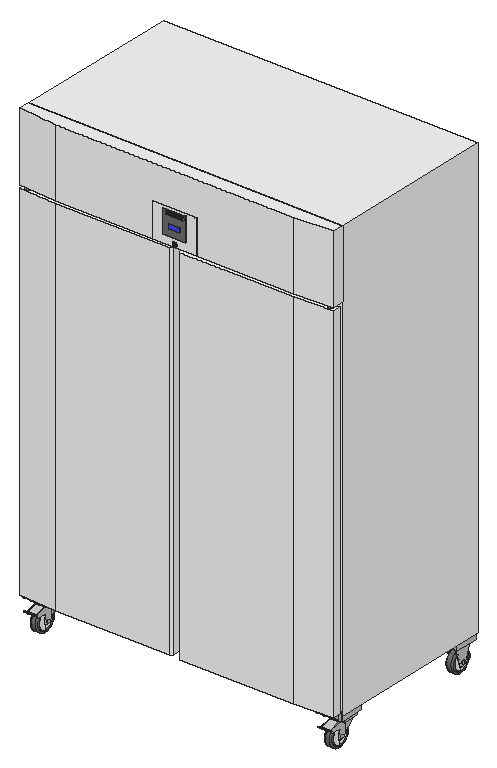
Revit family "QF_LIEBHERR_LKPv 1420.220712092349", category Specialty Equipment, Revit 2016
Family settings
  Part Type = Normal
  Round Connector Dimension = Use Diameter
  OmniClass Number = 23.40.40.14
  OmniClass Title = Food Service Equipment
  Work Plane-Based = No
  Always vertical = Yes
  Cut with Voids When Loaded = No
  Shared = No
  Room Calculation Point = No
Parameters (values of type "LKPv 1420_230V/1Ph/50Hz")
  URL catalogue = ""
  URL = "home.liebherr.com"
  Type de Raccord Electrique [instance] = ""
  Type article [instance] = ""
  Tension = 230 V
  Status [instance] = ""
  Spécification technique = ""
  Spécification du Fabricant [instance] = ""
  Spécification de l'Utilisateur [instance] = ""
  SMACNA No spécifique pour les matériaux  Etats Unis = ""
  Quantité par lot [instance] = no
  Puissance électrique  = 350 W
  Puissance en CV = ""
  Puissance Apparente = 350 VA
  Protection de l'Appareil = 0 A
  Profondeur hors tout = 830 mm
  Poids net à vide = 199.00 kg
  Phase = 1
  Numéro de Série = ""
  Nombres de Pôles = 2
  Nombre d'identification NAFEM = ""
  Model = "LKPv 1420"
  Manufacturer = "LIEBHERR"
  Longueur hors tout = 1430 mm
  Intensité nominale courant electrique = 2.5 A
  Installé Par [instance] = ""
  Identifiant Equipement [instance] = no
  Hauteur hors tout = 2160 mm
  Hauteur de Raccordement du Sol Finis [instance] = 1700 mm
  Hauteur de Raccordement du Sol Brut [instance] = 0 mm
  Fréquence = 50 Hz
  Fournis Par [instance] = ""
  Description = "REFRIGERATEUR LABO LKPV 1420, -2/+16°C, CARROSSERIE BLANC CUVE INOX, 1361 L"
  Câble de connexion à l'appareil inclus = no
  Cost = 0
  Consommation d'énergie minimale = 0 A
  Connexion prise électrique  = ""
  Code de Révision [instance] = ""
  Classification dans le projet = ""
  Classement sismique = ""
  Accessoires = no
Reference planes
  plane 1 "Centre (avant/arrière)": y = 0
  plane 2: z = 0
  plane 3 "Centre (gauche/droite)": x = 0
Forms (mm)
  Extrusion 1, solid, not visible
    sketch origin (649, -2, 1699) x (1, 0, 0) y (0, 1, 0)
      loop
        line (0, 0) -> (2, 0) -> (2, 2) -> (0, 2) -> (0, 0)
    from 0 to 2
Dimensions and locks
  aligned and locked: level to plane 2
Nested families
  nested 1: "QF_LIEBHERR_LKPv 1420_230V_1Ph_50Hz" at (0, 0, 0), type "LKPv 1420_230V/1Ph/50Hz"
    with Show Logo yes, Show Clearance yes
Connectors
  electrical at (650, 0, 1700), driven by "Puissance Apparente", driven by "Nombres de Pôles", driven by "Tension"
    settings: on Extrusion 1, index 1, voltage 230 V, apparent load 0 VA, apparent load phase1 350 VA, apparent load phase2 0 VA, apparent load phase3 0 VA, power factor 1, load classification "Other", number of poles 2, system type 31, power factor state 1, is connector primary yes, connector utility no, sub classification motor no, connector description "Electric connection for 'LKPV 1420'"
Definition of nested family "QF_LIEBHERR_LKPv 1420_230V_1Ph_50Hz"
  Parameters (values of type "LKPv 1420_230V/1Ph/50Hz")
    URL = "home.liebherr.com"
    Show Logo [instance] = yes
    Show Clearance [instance] = yes
    Model = "LKPv 1420"
    Manufacturer = "LIEBHERR"
    Description = "LAB FRIDGE LKPV 1420, -2/+16°C, WHITE EXTERIOR S/STEEL INTERIOR, 1056 L NET"
    Assembly Code = "E1090320"
  Types (2, lengths in mm): name | Model | Description
    LGPv 1420 | "LGPv 1420" | "LAB FREEZER, LGPV 1420, -9/-26°C, WHITE EXTERIOR S/STEEL INTERIOR, 1056 L NET"
    LKPv 1420_230V/1Ph/50Hz | "LKPv 1420" | "LAB FRIDGE LKPV 1420, -2/+16°C, WHITE EXTERIOR S/STEEL INTERIOR, 1056 L NET"
  Reference planes
    plane 1 "Back": y = 0
    plane 2: z = 0
    plane 3 "Left": x = 0
    plane 4 "Right": x = 1430
    plane 5 "Front": y = -830
    plane 6 "Top": z = 2150
  Forms (mm)
    Extrusion 1, solid
      sketch origin (0, 0, 37) x (1, 0, 0) y (0, 1, 0)
        loop
          line (0, -767) -> (0, -816.625) -> (171.985, -830) -> (1257.99, -830) -> (1430, -816.625) -> (1430, -767) -> (0, -767)
      from 1801 to 2113
    Extrusion 2, solid
      sketch origin (0, 0, 37) x (0, 1, 0) y (0, 0, 1)
        loop
          line (-767, 2113) -> (-767, 113) -> (0, 113) -> (0, 2113) -> (-767, 2113)
      from 0 to 1430
    Extrusion 3, solid
      sketch origin (365.012, -829, 37) x (1, 0, 0) y (0, 0, 1)
        loop
          line (249.988, 1957) -> (249.988, 1801) -> (449.988, 1801) -> (449.988, 1957) -> (249.988, 1957)
      from 0 to 2
    Extrusion 4, solid
      sketch origin (365.012, -830, 37) x (1, 0, 0) y (0, 0, 1)
        loop
          line (297.988, 1947) -> (297.988, 1841) -> (401.988, 1841) -> (401.988, 1947) -> (297.988, 1947)
      from 0 to 2
    Extrusion 5, solid
      sketch origin (365.012, -831, 37) x (1, 0, 0) y (0, 0, 1)
        loop
          line (374.988, 1890) -> (324.988, 1890) -> (324.988, 1871) -> (374.988, 1871) -> (374.988, 1890)
      from 0 to 2
    Extrusion 6, solid, visible <- "Show Logo"
      sketch origin (365.012, -831, 37) x (1, 0, 0) y (0, 0, 1)
        loop
          line (309.542, 1937.598) -> (309.542, 1926.598) -> (317.534, 1926.598) -> (317.534, 1929.598) -> (314.534, 1929.598) -> (314.534, 1937.598) -> (309.542, 1937.598)
        loop
          line (318.542, 1937.598) -> (318.542, 1926.598) -> (323.534, 1926.598) -> (323.534, 1937.598) -> (318.542, 1937.598)
        loop
          line (325.425, 1937.598) -> (325.425, 1926.598) -> (332.444, 1926.598) -> (332.444, 1929.098) -> (330.418, 1929.098) -> (330.418, 1931.098) -> (332.444, 1931.098) -> (332.444, 1933.098) -> (330.418, 1933.098) -> (330.418, 1935.098) -> (332.444, 1935.098) -> (332.444, 1937.598) -> (325.425, 1937.598)
        loop
          line (334.425, 1937.598) -> (334.425, 1926.598) -> (341.444, 1926.598)
          arc (341.444, 1926.598) -> (344.324, 1928.719) -> (343.152, 1932.098) r 3.015
          arc (343.152, 1932.098) -> (344.324, 1935.477) -> (341.444, 1937.598) r 3.015
          line (341.444, 1937.598) -> (334.425, 1937.598)
        loop
          line (340.389, 1935.098) -> (339.418, 1935.098) -> (339.418, 1933.098) -> (340.389, 1933.098)
          arc (340.389, 1933.098) -> (341.389, 1934.098) -> (340.389, 1935.098) r 1
        loop
          arc (340.456, 1929.098) -> (341.456, 1930.098) -> (340.456, 1931.098) r 1
          line (340.456, 1931.098) -> (339.418, 1931.098) -> (339.418, 1929.098) -> (340.456, 1929.098)
        loop
          line (346.398, 1937.598) -> (346.398, 1926.598) -> (351.391, 1926.598) -> (351.391, 1931.098) -> (353.417, 1931.098) -> (353.417, 1926.598) -> (358.41, 1926.598) -> (358.41, 1937.598) -> (353.417, 1937.598) -> (353.417, 1933.098) -> (351.391, 1933.098) -> (351.391, 1937.598) -> (346.398, 1937.598)
        loop
          line (359.811, 1937.598) -> (359.811, 1926.598) -> (366.83, 1926.598) -> (366.83, 1929.098) -> (364.803, 1929.098) -> (364.803, 1931.098) -> (366.83, 1931.098) -> (366.83, 1933.098) -> (364.803, 1933.098) -> (364.803, 1935.098) -> (366.83, 1935.098) -> (366.83, 1937.598) -> (359.811, 1937.598)
        loop
          line (368.822, 1937.598) -> (368.822, 1926.598) -> (373.814, 1926.598) -> (373.814, 1929.098) -> (374.887, 1926.598) -> (379.88, 1926.598) -> (378.318, 1930.237)
          arc (378.318, 1930.237) -> (379.724, 1934.807) -> (375.841, 1937.598) r 4.097
          line (375.841, 1937.598) -> (368.822, 1937.598)
        loop
          line (374.786, 1935.098) -> (373.814, 1935.098) -> (373.814, 1932.141) -> (374.786, 1932.141)
          arc (374.786, 1932.141) -> (376.264, 1933.619) -> (374.786, 1935.098) r 1.479
        loop
          line (381.56, 1937.598) -> (381.56, 1926.598) -> (386.553, 1926.598) -> (386.553, 1929.098) -> (387.626, 1926.598) -> (392.618, 1926.598) -> (391.057, 1930.237)
          arc (391.057, 1930.237) -> (392.463, 1934.807) -> (388.58, 1937.598) r 4.097
          line (388.58, 1937.598) -> (381.56, 1937.598)
        loop
          line (387.524, 1935.098) -> (386.553, 1935.098) -> (386.553, 1932.141) -> (387.524, 1932.141)
          arc (387.524, 1932.141) -> (389.003, 1933.619) -> (387.524, 1935.098) r 1.479
      from 0 to 2
    Extrusion 7, solid
      sketch origin (0, 0, 0) x (1, 0, 0) y (0, 0, 1)
        loop
          circle (650, 1700) r 5
      from 0 to -5
    Revolve 8, solid
      sketch origin (-55.3, -747.149, 5.732) x (1, 0, 0) y (0, 0, 1)
        loop
          arc (84.3, 0.268) -> (86.057, -3.975) -> (90.3, -5.732) r 6
          line (90.3, -5.732) -> (110.3, -5.732)
          arc (110.3, -5.732) -> (114.543, -3.975) -> (116.3, 0.268) r 6
          line (116.3, 0.268) -> (116.3, 5.068) -> (84.3, 5.068) -> (84.3, 0.268)
        axis (84.3, 44.268) -> (116.3, 44.268)
      angle from 0 to 360
    Revolve 9, solid
      sketch origin (-55.3, -747.149, 0) x (1, 0, 0) y (0, 0, 1)
        loop
          line (84.3, 50) -> (84.3, 10.8) -> (116.3, 10.8) -> (116.3, 50) -> (84.3, 50)
        axis (84.3, 50) -> (116.3, 50)
      angle from 0 to 360
    Extrusion 10, solid
      sketch origin (24, -646.345, 9.74) x (0, 1, 0) y (0, 0, 1)
        loop
          arc (-30.8, 97.328) -> (-31.465, 99.212) -> (-33.166, 100.26) r 3
          line (-33.166, 100.26) -> (-83.064, 100.26) -> (-83.064, 98.278) -> (-100.356, 98.278) -> (-113.605, 39.503)
          arc (-113.605, 39.503) -> (-111.893, 32.072) -> (-105.02, 28.768) r 8.8
          line (-105.02, 28.768) -> (-99.02, 28.768)
          arc (-99.02, 28.768) -> (-96.029, 29.292) -> (-93.394, 30.802) r 8.8
          line (-93.394, 30.802) -> (-30.8, 82.853) -> (-30.8, 97.328)
      from 0 to 3
    Extrusion 11, solid
      sketch origin (63, -646.345, 9.74) x (0, 1, 0) y (0, 0, 1)
        loop
          arc (-30.8, 97.328) -> (-31.465, 99.212) -> (-33.166, 100.26) r 3
          line (-33.166, 100.26) -> (-83.051, 100.26) -> (-83.051, 98.278) -> (-100.356, 98.278) -> (-113.605, 39.503)
          arc (-113.605, 39.503) -> (-111.893, 32.072) -> (-105.02, 28.768) r 8.8
          line (-105.02, 28.768) -> (-99.02, 28.768)
          arc (-99.02, 28.768) -> (-96.029, 29.292) -> (-93.394, 30.802) r 8.8
          line (-93.394, 30.802) -> (-30.8, 82.853) -> (-30.8, 97.328)
      from 0 to 3
    Extrusion 12, solid
      sketch origin (-47.8, -646.34, 9.74) x (0, 1, 0) y (0, 0, 1)
        loop
          line (-83.068, 100.26) -> (-110.819, 100.26) -> (-159.302, 87.129) -> (-157.821, 81.664)
          arc (-157.821, 81.664) -> (-154.246, 76.336) -> (-148.169, 74.278) r 10
          line (-148.169, 74.278) -> (-119.215, 74.278)
          arc (-119.215, 74.278) -> (-111.405, 70.523) -> (-109.46, 62.079) r 10
          line (-109.46, 62.079) -> (-114.539, 39.547)
          arc (-114.539, 39.547) -> (-112.788, 31.947) -> (-105.759, 28.568) r 9
          line (-105.759, 28.568) -> (-99.02, 28.568)
          arc (-99.02, 28.568) -> (-95.954, 29.106) -> (-93.255, 30.657) r 9
          line (-93.255, 30.657) -> (-82.92, 39.278) -> (-83.068, 100.26)
      from 69.8 to 71.8
    Extrusion 13, solid
      sketch origin (137.8, -646.34, 9.74) x (0, 1, 0) y (0, 0, -1)
        loop
          line (-83.068, -100.26) -> (-82.92, -39.278) -> (-93.255, -30.657)
          arc (-93.255, -30.657) -> (-95.954, -29.106) -> (-99.02, -28.568) r 9
          line (-99.02, -28.568) -> (-105.759, -28.568)
          arc (-105.759, -28.568) -> (-112.788, -31.947) -> (-114.539, -39.547) r 9
          line (-114.539, -39.547) -> (-109.46, -62.079)
          arc (-109.46, -62.079) -> (-111.405, -70.523) -> (-119.215, -74.278) r 10
          line (-119.215, -74.278) -> (-148.169, -74.278)
          arc (-148.169, -74.278) -> (-154.246, -76.336) -> (-157.821, -81.664) r 10
          line (-157.821, -81.664) -> (-159.302, -87.129) -> (-110.819, -100.26) -> (-83.068, -100.26)
      from 69.8 to 71.8
    Extrusion 14, solid
      sketch origin (-55.3, -646.345, 9.834) x (0, 1, 0) y (0, 0, 1)
        loop
          line (-94.498, 43.86) -> (-100.992, 47.388) -> (-107.294, 43.527) -> (-107.102, 36.14) -> (-100.608, 32.612) -> (-94.306, 36.473) -> (-94.498, 43.86)
      from 73.3 to 130.3
    Extrusion 15, solid
      sketch origin (-55.3, -646.345, 15.018) x (0, 1, 0) y (0, 0, 1)
        loop
          line (-158.797, 81.987) -> (-158.277, 80.07) -> (-110.534, 93) -> (-83.051, 93) -> (-83.051, 94.982) -> (-110.815, 94.982) -> (-158.797, 81.987)
      from 79.3 to 121.3
    Extrusion 16, solid
      sketch origin (-55.3, -646.345, 15.094) x (0, 1, 0) y (0, 0, 1)
        loop
          arc (-158.862, 77.291) -> (-157.511, 76.713) -> (-156.043, 76.661) r 4
          line (-156.043, 76.661) -> (-157.276, 80.265) -> (-158.258, 79.999) -> (-158.024, 79.136) -> (-178.689, 92.943) -> (-179.8, 91.28) -> (-158.862, 77.291)
      from 79.3 to 121.3
    Revolve 17, solid
      sketch origin (-55.3, -55, 5.732) x (1, 0, 0) y (0, 0, 1)
        loop
          arc (84.3, 0.268) -> (86.057, -3.975) -> (90.3, -5.732) r 6
          line (90.3, -5.732) -> (110.3, -5.732)
          arc (110.3, -5.732) -> (114.543, -3.975) -> (116.3, 0.268) r 6
          line (116.3, 0.268) -> (116.3, 5.068) -> (84.3, 5.068) -> (84.3, 0.268)
        axis (84.3, 44.268) -> (116.3, 44.268)
      angle from 0 to 360
    Revolve 18, solid
      sketch origin (-55.3, -55, 0) x (1, 0, 0) y (0, 0, 1)
        loop
          line (84.3, 50) -> (84.3, 10.8) -> (116.3, 10.8) -> (116.3, 50) -> (84.3, 50)
        axis (84.3, 50) -> (116.3, 50)
      angle from 0 to 360
    Extrusion 19, solid
      sketch origin (24, 45.804, 9.74) x (0, 1, 0) y (0, 0, 1)
        loop
          arc (-94.807, 22.26) -> (-88.805, 24.261) -> (-85.206, 29.463) r 10
          line (-85.206, 29.463) -> (-66.258, 94.495) -> (-66.258, 112.26) -> (-135.351, 112.26) -> (-135.351, 94.495) -> (-116.403, 29.463)
          arc (-116.403, 29.463) -> (-112.803, 24.261) -> (-106.802, 22.26) r 10
          line (-106.802, 22.26) -> (-94.807, 22.26)
      from 0 to 3
    Extrusion 20, solid
      sketch origin (63, 45.804, 9.74) x (0, 1, 0) y (0, 0, 1)
        loop
          arc (-94.807, 22.26) -> (-88.805, 24.261) -> (-85.206, 29.463) r 10
          line (-85.206, 29.463) -> (-66.258, 94.495) -> (-66.258, 112.26) -> (-135.351, 112.26) -> (-135.351, 94.495) -> (-116.403, 29.463)
          arc (-116.403, 29.463) -> (-112.803, 24.261) -> (-106.802, 22.26) r 10
          line (-106.802, 22.26) -> (-94.807, 22.26)
      from 0 to 3
    Extrusion 21, solid
      sketch origin (-55.3, 45.804, 9.834) x (0, 1, 0) y (0, 0, 1)
        loop
          line (-94.498, 43.86) -> (-100.992, 47.388) -> (-107.294, 43.527) -> (-107.102, 36.14) -> (-100.608, 32.612) -> (-94.306, 36.473) -> (-94.498, 43.86)
      from 73.3 to 130.3
    Revolve 22, solid
      sketch origin (1485.3, -747.149, 5.732) x (-1, 0, 0) y (0, 0, -1)
        loop
          line (84.3, -0.268) -> (84.3, -5.068) -> (116.3, -5.068) -> (116.3, -0.268)
          arc (116.3, -0.268) -> (114.543, 3.975) -> (110.3, 5.732) r 6
          line (110.3, 5.732) -> (90.3, 5.732)
          arc (90.3, 5.732) -> (86.057, 3.975) -> (84.3, -0.268) r 6
        axis (84.3, -44.268) -> (116.3, -44.268)
      angle from 0 to 360
    Revolve 23, solid
      sketch origin (1485.3, -747.149, 0) x (-1, 0, 0) y (0, 0, -1)
        loop
          line (84.3, -50) -> (116.3, -50) -> (116.3, -10.8) -> (84.3, -10.8) -> (84.3, -50)
        axis (84.3, -50) -> (116.3, -50)
      angle from 0 to 360
    Extrusion 24, solid
      sketch origin (1406, -646.345, 9.74) x (0, 1, 0) y (0, 0, -1)
        loop
          line (-30.8, -97.328) -> (-30.8, -82.853) -> (-93.394, -30.802)
          arc (-93.394, -30.802) -> (-96.029, -29.292) -> (-99.02, -28.768) r 8.8
          line (-99.02, -28.768) -> (-105.02, -28.768)
          arc (-105.02, -28.768) -> (-111.893, -32.072) -> (-113.605, -39.503) r 8.8
          line (-113.605, -39.503) -> (-100.356, -98.278) -> (-83.064, -98.278) -> (-83.064, -100.26) -> (-33.166, -100.26)
          arc (-33.166, -100.26) -> (-31.465, -99.212) -> (-30.8, -97.328) r 3
      from 0 to 3
    Extrusion 25, solid
      sketch origin (1367, -646.345, 9.74) x (0, 1, 0) y (0, 0, -1)
        loop
          line (-30.8, -97.328) -> (-30.8, -82.853) -> (-93.394, -30.802)
          arc (-93.394, -30.802) -> (-96.029, -29.292) -> (-99.02, -28.768) r 8.8
          line (-99.02, -28.768) -> (-105.02, -28.768)
          arc (-105.02, -28.768) -> (-111.893, -32.072) -> (-113.605, -39.503) r 8.8
          line (-113.605, -39.503) -> (-100.356, -98.278) -> (-83.051, -98.278) -> (-83.051, -100.26) -> (-33.166, -100.26)
          arc (-33.166, -100.26) -> (-31.465, -99.212) -> (-30.8, -97.328) r 3
      from 0 to 3
    Extrusion 26, solid
      sketch origin (1477.8, -646.34, 9.74) x (0, 1, 0) y (0, 0, -1)
        loop
          line (-83.068, -100.26) -> (-82.92, -39.278) -> (-93.255, -30.657)
          arc (-93.255, -30.657) -> (-95.954, -29.106) -> (-99.02, -28.568) r 9
          line (-99.02, -28.568) -> (-105.759, -28.568)
          arc (-105.759, -28.568) -> (-112.788, -31.947) -> (-114.539, -39.547) r 9
          line (-114.539, -39.547) -> (-109.46, -62.079)
          arc (-109.46, -62.079) -> (-111.405, -70.523) -> (-119.215, -74.278) r 10
          line (-119.215, -74.278) -> (-148.169, -74.278)
          arc (-148.169, -74.278) -> (-154.246, -76.336) -> (-157.821, -81.664) r 10
          line (-157.821, -81.664) -> (-159.302, -87.129) -> (-110.819, -100.26) -> (-83.068, -100.26)
      from 69.8 to 71.8
    Extrusion 27, solid
      sketch origin (1292.2, -646.34, 9.74) x (0, 1, 0) y (0, 0, 1)
        loop
          line (-83.068, 100.26) -> (-110.819, 100.26) -> (-159.302, 87.129) -> (-157.821, 81.664)
          arc (-157.821, 81.664) -> (-154.246, 76.336) -> (-148.169, 74.278) r 10
          line (-148.169, 74.278) -> (-119.215, 74.278)
          arc (-119.215, 74.278) -> (-111.405, 70.523) -> (-109.46, 62.079) r 10
          line (-109.46, 62.079) -> (-114.539, 39.547)
          arc (-114.539, 39.547) -> (-112.788, 31.947) -> (-105.759, 28.568) r 9
          line (-105.759, 28.568) -> (-99.02, 28.568)
          arc (-99.02, 28.568) -> (-95.954, 29.106) -> (-93.255, 30.657) r 9
          line (-93.255, 30.657) -> (-82.92, 39.278) -> (-83.068, 100.26)
      from 69.8 to 71.8
    Extrusion 28, solid
      sketch origin (1485.3, -646.345, 9.834) x (0, 1, 0) y (0, 0, -1)
        loop
          line (-94.498, -43.86) -> (-94.306, -36.473) -> (-100.608, -32.612) -> (-107.102, -36.14) -> (-107.294, -43.527) -> (-100.992, -47.388) -> (-94.498, -43.86)
      from 73.3 to 130.3
    Extrusion 29, solid
      sketch origin (1485.3, -646.345, 15.018) x (0, 1, 0) y (0, 0, -1)
        loop
          line (-158.797, -81.987) -> (-110.815, -94.982) -> (-83.051, -94.982) -> (-83.051, -93) -> (-110.534, -93) -> (-158.277, -80.07) -> (-158.797, -81.987)
      from 79.3 to 121.3
    Extrusion 30, solid
      sketch origin (1485.3, -646.345, 15.094) x (0, 1, 0) y (0, 0, -1)
        loop
          line (-158.862, -77.291) -> (-179.8, -91.28) -> (-178.689, -92.943) -> (-158.024, -79.136) -> (-158.258, -79.999) -> (-157.276, -80.265) -> (-156.043, -76.661)
          arc (-156.043, -76.661) -> (-157.511, -76.713) -> (-158.862, -77.291) r 4
      from 79.3 to 121.3
    Revolve 31, solid
      sketch origin (1485.3, -55, 5.732) x (-1, 0, 0) y (0, 0, -1)
        loop
          line (84.3, -0.268) -> (84.3, -5.068) -> (116.3, -5.068) -> (116.3, -0.268)
          arc (116.3, -0.268) -> (114.543, 3.975) -> (110.3, 5.732) r 6
          line (110.3, 5.732) -> (90.3, 5.732)
          arc (90.3, 5.732) -> (86.057, 3.975) -> (84.3, -0.268) r 6
        axis (84.3, -44.268) -> (116.3, -44.268)
      angle from 0 to 360
    Revolve 32, solid
      sketch origin (1485.3, -55, 0) x (-1, 0, 0) y (0, 0, -1)
        loop
          line (84.3, -50) -> (116.3, -50) -> (116.3, -10.8) -> (84.3, -10.8) -> (84.3, -50)
        axis (84.3, -50) -> (116.3, -50)
      angle from 0 to 360
    Extrusion 33, solid
      sketch origin (1406, 45.804, 9.74) x (0, 1, 0) y (0, 0, -1)
        loop
          line (-94.807, -22.26) -> (-106.802, -22.26)
          arc (-106.802, -22.26) -> (-112.803, -24.261) -> (-116.403, -29.463) r 10
          line (-116.403, -29.463) -> (-135.351, -94.495) -> (-135.351, -112.26) -> (-66.258, -112.26) -> (-66.258, -94.495) -> (-85.206, -29.463)
          arc (-85.206, -29.463) -> (-88.805, -24.261) -> (-94.807, -22.26) r 10
      from 0 to 3
    Extrusion 34, solid
      sketch origin (1367, 45.804, 9.74) x (0, 1, 0) y (0, 0, -1)
        loop
          line (-94.807, -22.26) -> (-106.802, -22.26)
          arc (-106.802, -22.26) -> (-112.803, -24.261) -> (-116.403, -29.463) r 10
          line (-116.403, -29.463) -> (-135.351, -94.495) -> (-135.351, -112.26) -> (-66.258, -112.26) -> (-66.258, -94.495) -> (-85.206, -29.463)
          arc (-85.206, -29.463) -> (-88.805, -24.261) -> (-94.807, -22.26) r 10
      from 0 to 3
    Extrusion 35, solid
      sketch origin (1485.3, 45.804, 9.834) x (0, 1, 0) y (0, 0, -1)
        loop
          line (-94.498, -43.86) -> (-94.306, -36.473) -> (-100.608, -32.612) -> (-107.102, -36.14) -> (-107.294, -43.527) -> (-100.992, -47.388) -> (-94.498, -43.86)
      from 73.3 to 130.3
    Extrusion 36, solid
      sketch origin (0, 0, 0) x (0, 1, 0) y (0, 0, 1)
        loop
          line (-2.5, 150) -> (-107.5, 150) -> (-107.5, 122) -> (-2.5, 122) -> (-2.5, 150)
      from 5 to 85
    Extrusion 37, solid
      sketch origin (1339.75, 0, 0) x (0, 1, 0) y (0, 0, 1)
        loop
          line (-2.5, 150) -> (-107.5, 150) -> (-107.5, 122) -> (-2.5, 122) -> (-2.5, 150)
      from 5 to 85
    Extrusion 38, solid
      sketch origin (0, -655, 0) x (0, 1, 0) y (0, 0, 1)
        loop
          line (-2.5, 150) -> (-107.5, 150) -> (-107.5, 122) -> (-2.5, 122) -> (-2.5, 150)
      from 5 to 85
    Extrusion 39, solid
      sketch origin (1339.75, -655, 0) x (0, 1, 0) y (0, 0, 1)
        loop
          line (-2.5, 150) -> (-107.5, 150) -> (-107.5, 122) -> (-2.5, 122) -> (-2.5, 150)
      from 5 to 85
    Extrusion 40, solid
      sketch origin (0, 0, 0) x (0, 1, 0) y (0, 0, 1)
        loop
          line (-673.5, 122) -> (-746.5, 122) -> (-746.5, 110) -> (-673.5, 110) -> (-673.5, 122)
      from 8.5 to 81.5
    Extrusion 41, solid
      sketch origin (1339.75, 0, 0) x (0, 1, 0) y (0, 0, 1)
        loop
          line (-673.5, 122) -> (-746.5, 122) -> (-746.5, 110) -> (-673.5, 110) -> (-673.5, 122)
      from 8.5 to 81.5
    Extrusion 42, solid
      sketch origin (700, 0, -287) x (-1, 0, 0) y (0, -1, 0)
        loop
          line (0, 781) -> (700, 781) -> (700, 816.625) -> (527.99, 830) -> (10, 830) -> (0, 816.625) -> (0, 781)
      from 451 to 2113
    Extrusion 43, solid
      sketch origin (729.99, -92.898, 254.715) x (0, 1, 0) y (0, 0, -1)
        loop
          line (-688.102, -1556.285) -> (-674.102, -1556.285) -> (-674.102, 75.715) -> (-688.102, 75.715) -> (-688.102, -1556.285)
      from 44.99 to 714.99
    Extrusion 44, solid
      sketch origin (756.014, -92.898, 117.832) x (0, 1, 0) y (0, 0, -1)
        loop
          line (-680.221, -13.941) -> (-723.896, -39.157) -> (-680.221, -39.157) -> (-680.221, -13.941)
      from 672.942 to 677.942
    Extrusion 45, solid
      sketch origin (734.086, -89.604, 117.832) x (-1, 0, 0) y (0, -1, 0)
        loop
          circle (709.086, 713.896) r 10
      from 42.671 to 46.168
    Extrusion 46, solid
      sketch origin (6.014, -92.898, 117.832) x (0, 1, 0) y (0, 0, 1)
        loop
          line (-674.102, 7.53) -> (-674.102, 42.671) -> (-723.896, 42.671) -> (-723.896, 39.157) -> (-680.221, 39.157) -> (-680.221, 7.53) -> (-674.102, 7.53)
      from 4.769 to 77.058
    Extrusion 47, solid
      sketch origin (-662.159, -92.898, 117.832) x (0, 1, 0) y (0, 0, 1)
        loop
          line (-680.221, 13.941) -> (-680.221, 39.157) -> (-723.896, 39.157) -> (-680.221, 13.941)
      from 672.942 to 677.942
    Extrusion 48, solid
      sketch origin (-628.514, -92.898, 117.832) x (0, 1, 0) y (0, 0, 1)
        loop
          line (-680.221, 13.941) -> (-680.221, 39.157) -> (-723.896, 39.157) -> (-680.221, 13.941)
      from 672.942 to 677.942
    Extrusion 49, solid, visible <- "Show Clearance", detail levels coarse
      sketch origin (700, 0, 150) x (-1, 0, 0) y (0, -1, 0)
        loop
          line (0, 830) -> (700, 830) -> (700, 1496.933) -> (640, 1496.933)
          arc (640, 1496.933) -> (194.431, 1283.965) -> (0, 830) r 700.694
      from 14 to 1676
    Extrusion 50, solid
      sketch origin (-684.086, -89.604, 1783.329) x (1, 0, 0) y (0, 1, 0)
        loop
          circle (709.086, -713.896) r 10
      from 42.671 to 54.671
    Extrusion 51, solid
      sketch origin (730, 0, -287) x (1, 0, 0) y (0, 1, 0)
        loop
          line (0, -781) -> (0, -816.625) -> (10, -830) -> (527.99, -830) -> (700, -816.625) -> (700, -781) -> (0, -781)
      from 451 to 2113
    Extrusion 52, solid
      sketch origin (700.01, -92.898, 254.715) x (0, 1, 0) y (0, 0, 1)
        loop
          line (-688.102, 1556.285) -> (-688.102, -75.715) -> (-674.102, -75.715) -> (-674.102, 1556.285) -> (-688.102, 1556.285)
      from 44.99 to 714.99
    Extrusion 53, solid
      sketch origin (673.986, -92.898, 117.832) x (0, 1, 0) y (0, 0, 1)
        loop
          line (-680.221, 13.941) -> (-680.221, 39.157) -> (-723.896, 39.157) -> (-680.221, 13.941)
      from 672.942 to 677.942
    Extrusion 54, solid
      sketch origin (695.914, -89.604, 117.832) x (1, 0, 0) y (0, 1, 0)
        loop
          circle (709.086, -713.896) r 10
      from 42.671 to 46.168
    Extrusion 55, solid
      sketch origin (1423.986, -92.898, 117.832) x (0, 1, 0) y (0, 0, -1)
        loop
          line (-674.102, -7.53) -> (-680.221, -7.53) -> (-680.221, -39.157) -> (-723.896, -39.157) -> (-723.896, -42.671) -> (-674.102, -42.671) -> (-674.102, -7.53)
      from 4.769 to 77.058
    Extrusion 56, solid
      sketch origin (2092.159, -92.898, 117.832) x (0, 1, 0) y (0, 0, -1)
        loop
          line (-680.221, -13.941) -> (-723.896, -39.157) -> (-680.221, -39.157) -> (-680.221, -13.941)
      from 672.942 to 677.942
    Extrusion 57, solid
      sketch origin (2058.514, -92.898, 117.832) x (0, 1, 0) y (0, 0, -1)
        loop
          line (-680.221, -13.941) -> (-723.896, -39.157) -> (-680.221, -39.157) -> (-680.221, -13.941)
      from 672.942 to 677.942
    Extrusion 58, solid, visible <- "Show Clearance", detail levels coarse
      sketch origin (730, 0, 150) x (1, 0, 0) y (0, 1, 0)
        loop
          arc (0, -830) -> (194.431, -1283.965) -> (640, -1496.933) r 700.694
          line (640, -1496.933) -> (700, -1496.933) -> (700, -830) -> (0, -830)
      from 14 to 1676
    Extrusion 59, solid
      sketch origin (2114.086, -89.604, 1783.329) x (-1, 0, 0) y (0, -1, 0)
        loop
          circle (709.086, 713.896) r 10
      from 42.671 to 54.671
    Extrusion 60, solid
      sketch origin (1686.55, -831.588, 1076.938) x (-1, 0, 0) y (0, 0, 1)
        loop
          circle (971.55, 773.43) r 9.525
      from 0 to 1.588
    Extrusion 61, solid
      sketch origin (1686.55, -831.588, 1076.938) x (-1, 0, 0) y (0, 0, 1)
        loop
          circle (971.55, 773.43) r 7.53
        loop
          line (972.187, 776.799) -> (970.913, 776.799) -> (970.913, 770.061) -> (972.187, 770.061) -> (972.187, 776.799)
      from 0 to -2.342
  Lines and regions (mm)
    symbolic lines
      curve 1: line (0, 0, 0) -> (1430, 0, 0)
      curve 2: line (1430, 0, 0) -> (1430, -816.625, 0)
      curve 3: line (1430, -816.625, 0) -> (1257.99, -830, 0)
      curve 4: line (1257.99, -830, 0) -> (171.985, -830, 0)
      curve 5: line (171.985, -830, 0) -> (0, -816.625, 0)
      curve 6: line (0, -816.625, 0) -> (0, 0, 0)
      curve 7: line (0, -767, 0) -> (1430, -767, 0)
      curve 12: line (1258.015, -830, 0) -> (1430, -816.625, 0)
    symbolic lines, visible <- "Show Clearance"
      curve 8: arc (700, -830, 0) -> (505.569, -1283.965, 0) -> (60, -1496.933, 0) r 700.694
      curve 9: line (0, -1496.933, 0) -> (0, -816.625, 0)
      curve 10: line (60, -1496.933, 0) -> (60, -821.291, 0)
      curve 11: line (60, -1496.933, 0) -> (0, -1496.933, 0)
      curve 13: arc (730, -830, 0) -> (924.431, -1283.965, 0) -> (1370, -1496.933, 0) r 700.694
      curve 14: line (1430, -1496.933, 0) -> (1430, -816.625, 0)
      curve 15: line (1370, -1496.933, 0) -> (1370, -821.29, 0)
      curve 16: line (1370, -1496.933, 0) -> (1430, -1496.933, 0)
  Dimensions and locks
    plane 3 "Left" to plane 4 "Right" = 1430 mm
    plane 5 "Front" to plane 1 "Back" = 830 mm
    plane 6 "Top" to level = 2150 mm
    aligned and locked: level to plane 2
  Connectors
    electrical at (650, 0, 1700)
      settings: on Extrusion 7, index 1, voltage 0 V, apparent load 0 VA, apparent load phase1 0 VA, apparent load phase2 0 VA, apparent load phase3 0 VA, power factor 1, load classification none, number of poles 1, system type 31, power factor state 1, is connector primary yes, connector utility no, sub classification motor no, connector description "Electrical connection"
